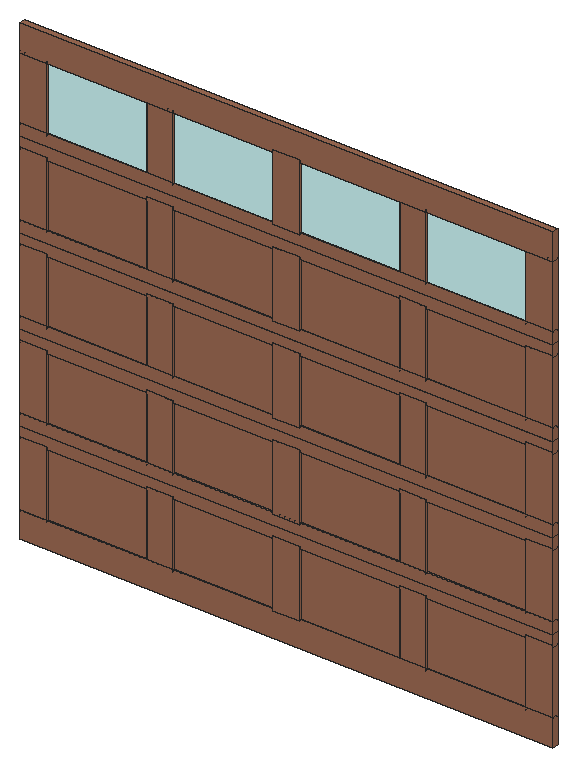
Revit family "GSNGL E 20P GT", category Doors, host Wall, Revit 2013
Parameters
  Function = Interior
  Frame Projection Ext. = 25 mm
  Frame Projection Int. = 25 mm
  Frame Width = 75 mm
  Height = 2135 mm
  Wall Closure = By host
  Width = 2440 mm
Reference planes
  plane 1: y = 0
  plane 2 "Center (Left/Right)": x = 0
  plane 3 "Left": x = -1220
  plane 4 "Right": x = 1220
  plane 5: z = 2135
  plane 6 "Exterior": y = 75
  plane 7 "Interior": y = -75
  plane 8 "Garage Bottom": y = 75
  plane 9 "Garage Left": x = 1250
  plane 10 "Garage Right": x = -1250
  plane 11 "Garage Top": z = 2170
  plane 12: z = 476
  plane 13: z = 882
  plane 14: z = 1288
  plane 15: z = 1694
Forms (mm)
  Sweep 1, solid, material "Garage Wood"
    path origin (2744.172, 120, 1694) x (1, 0, 0) y (0, 1, 0)
      loop
        line (-3994.172, -225) -> (-1494.172, -225)
    profile "Van Acht 55.5x30 Garage Rail : Van Acht 55.5x30 Garage Rail" origin (0, -105, 1694) x (0, 1, 0) y (0, 0, 1)
      loop
        line (0, 0.046) -> (30, 0.046) -> (30, 46.546) -> (28, 46.546)
        arc (28, 46.546) -> (25.296, 51.527) -> (20, 53.546) r 8.162
        line (20, 53.546) -> (20, 55.546) -> (0, 55.546) -> (0, 0.046)
  Extrusion 2, solid, material "Garage Wood"
    sketch origin (0, 0, 0) x (0, -1, 0) y (0, 0, -1)
      loop
        line (105, -2045) -> (85, -2045) -> (85, -2047)
        arc (85, -2047) -> (79.704, -2049.019) -> (77, -2054) r 8.162
        line (77, -2054) -> (75, -2054) -> (75, -2170) -> (105, -2170) -> (105, -2045)
    from -1250 to 1250
  Extrusion 3, solid, material "Garage Glass"
    sketch origin (3947.972, -275, 1694) x (1, 0, 0) y (0, 1, 0)
      loop
        line (-5072.972, 185) -> (-5072.972, 175) -> (-4604.222, 175) -> (-4604.222, 185) -> (-5072.972, 185)
      loop
        line (-4479.222, 185) -> (-4479.222, 175) -> (-4010.472, 175) -> (-4010.472, 185) -> (-4479.222, 185)
      loop
        line (-2822.972, 185) -> (-3291.722, 185) -> (-3291.722, 175) -> (-2822.972, 175) -> (-2822.972, 185)
      loop
        line (-3416.722, 185) -> (-3885.472, 185) -> (-3885.472, 175) -> (-3416.722, 175) -> (-3416.722, 185)
    from 55.546 to 351
  Sweep 4, solid, material "Garage Wood"
    path origin (2744.172, 120, 1287.954) x (1, 0, 0) y (0, 1, 0)
      loop
        line (-3994.172, -225) -> (-1494.172, -225)
    profile "Van Acht 55.5x30 Garage Rail : Van Acht 55.5x30 Garage Rail" origin (0, -105, 1287.954) x (0, 1, 0) y (0, 0, 1)
      loop
        line (0, 0.046) -> (30, 0.046) -> (30, 46.546) -> (28, 46.546)
        arc (28, 46.546) -> (25.296, 51.527) -> (20, 53.546) r 8.162
        line (20, 53.546) -> (20, 55.546) -> (0, 55.546) -> (0, 0.046)
  Extrusion 5, solid, material "Garage Wood"
    sketch origin (0, 0, 0) x (0, -1, 0) y (0, 0, -1)
      loop
        line (105, -1694.046) -> (105, -1638.546) -> (85, -1638.546) -> (85, -1640.546)
        arc (85, -1640.546) -> (79.704, -1642.565) -> (77, -1647.546) r 8.162
        line (77, -1647.546) -> (75, -1647.546) -> (75, -1694.046) -> (105, -1694.046)
    from -1250 to 1250
  Sweep 6, solid, material "Garage Wood"
    path origin (2744.172, 120, 881.954) x (1, 0, 0) y (0, 1, 0)
      loop
        line (-3994.172, -225) -> (-1494.172, -225)
    profile "Van Acht 55.5x30 Garage Rail : Van Acht 55.5x30 Garage Rail" origin (0, -105, 881.954) x (0, 1, 0) y (0, 0, 1)
      loop
        line (0, 0.046) -> (30, 0.046) -> (30, 46.546) -> (28, 46.546)
        arc (28, 46.546) -> (25.296, 51.527) -> (20, 53.546) r 8.162
        line (20, 53.546) -> (20, 55.546) -> (0, 55.546) -> (0, 0.046)
  Extrusion 7, solid, material "Garage Wood"
    sketch origin (0, 0, -406) x (0, -1, 0) y (0, 0, -1)
      loop
        line (105, -1694.046) -> (105, -1638.546) -> (85, -1638.546) -> (85, -1640.546)
        arc (85, -1640.546) -> (79.704, -1642.565) -> (77, -1647.546) r 8.162
        line (77, -1647.546) -> (75, -1647.546) -> (75, -1694.046) -> (105, -1694.046)
    from -1250 to 1250
  Sweep 8, solid, material "Garage Wood"
    path origin (2744.172, 120, 475.954) x (1, 0, 0) y (0, 1, 0)
      loop
        line (-3994.172, -225) -> (-1494.172, -225)
    profile "Van Acht 55.5x30 Garage Rail : Van Acht 55.5x30 Garage Rail" origin (0, -105, 475.954) x (0, 1, 0) y (0, 0, 1)
      loop
        line (0, 0.046) -> (30, 0.046) -> (30, 46.546) -> (28, 46.546)
        arc (28, 46.546) -> (25.296, 51.527) -> (20, 53.546) r 8.162
        line (20, 53.546) -> (20, 55.546) -> (0, 55.546) -> (0, 0.046)
  Extrusion 9, solid, material "Garage Wood"
    sketch origin (0, 0, -812) x (0, -1, 0) y (0, 0, -1)
      loop
        line (105, -1694.046) -> (105, -1638.546) -> (85, -1638.546) -> (85, -1640.546)
        arc (85, -1640.546) -> (79.704, -1642.565) -> (77, -1647.546) r 8.162
        line (77, -1647.546) -> (75, -1647.546) -> (75, -1694.046) -> (105, -1694.046)
    from -1250 to 1250
  Extrusion 10, solid, material "Garage Wood"
    sketch origin (0, 0, -1218) x (0, -1, 0) y (0, 0, -1)
      loop
        line (105, -1694.046) -> (105, -1638.546) -> (85, -1638.546) -> (85, -1640.546)
        arc (85, -1640.546) -> (79.704, -1642.565) -> (77, -1647.546) r 8.162
        line (77, -1647.546) -> (75, -1647.546) -> (75, -1694.046) -> (105, -1694.046)
    from -1250 to 1250
  Extrusion 11, solid, material "Garage Wood"
    sketch origin (0, 0, 2169.454) x (0, -1, 0) y (0, 0, -1)
      loop
        line (105, 2045) -> (105, 2169.454) -> (75, 2169.454) -> (75, 2053.454) -> (77.097, 2053.454)
        arc (77.097, 2053.454) -> (79.86, 2048.739) -> (84.988, 2046.852) r 8.098
        line (84.988, 2046.852) -> (84.988, 2045) -> (105, 2045)
    from -1250 to 1250
  Extrusion 12, solid, material "Garage Wood"
    sketch origin (3964.172, 300, 1685) x (1, 0, 0) y (0, 1, 0)
      loop
        arc (-5091.172, -385) -> (-5093.191, -379.704) -> (-5098.172, -377) r 8.162
        line (-5098.172, -377) -> (-5098.172, -375) -> (-5214.172, -375) -> (-5214.172, -405) -> (-5089.172, -405) -> (-5089.172, -385) -> (-5091.172, -385)
      loop
        line (-2837.172, -385) -> (-2839.172, -385) -> (-2839.172, -405) -> (-2714.172, -405) -> (-2714.172, -375) -> (-2830.172, -375) -> (-2830.172, -377)
        arc (-2830.172, -377) -> (-2835.153, -379.704) -> (-2837.172, -385) r 8.162
      loop
        arc (-3903.672, -385) -> (-3905.691, -379.704) -> (-3910.672, -377) r 8.162
        line (-3910.672, -377) -> (-3910.672, -375) -> (-4017.672, -375) -> (-4017.672, -377)
        arc (-4017.672, -377) -> (-4022.653, -379.704) -> (-4024.672, -385) r 8.162
        line (-4024.672, -385) -> (-4026.672, -385) -> (-4026.672, -405) -> (-3901.672, -405) -> (-3901.672, -385) -> (-3903.672, -385)
      loop
        arc (-4497.422, -385) -> (-4499.441, -379.704) -> (-4504.422, -377) r 8.162
        line (-4504.422, -377) -> (-4504.422, -375) -> (-4611.422, -375) -> (-4611.422, -377)
        arc (-4611.422, -377) -> (-4616.403, -379.704) -> (-4618.422, -385) r 8.162
        line (-4618.422, -385) -> (-4620.422, -385) -> (-4620.422, -405) -> (-4495.422, -405) -> (-4495.422, -385) -> (-4497.422, -385)
      loop
        line (-3430.922, -385) -> (-3432.922, -385) -> (-3432.922, -405) -> (-3307.922, -405) -> (-3307.922, -385) -> (-3309.922, -385)
        arc (-3309.922, -385) -> (-3311.941, -379.704) -> (-3316.922, -377) r 8.162
        line (-3316.922, -377) -> (-3316.922, -375) -> (-3423.922, -375) -> (-3423.922, -377)
        arc (-3423.922, -377) -> (-3428.903, -379.704) -> (-3430.922, -385) r 8.162
    from 55.546 to 369
  Extrusion 13, solid, material "Garage Wood"
    sketch origin (3964.172, 300, 1250) x (1, 0, 0) y (0, 1, 0)
      loop
        arc (-5091.172, -385) -> (-5093.191, -379.704) -> (-5098.172, -377) r 8.162
        line (-5098.172, -377) -> (-5098.172, -375) -> (-5214.172, -375) -> (-5214.172, -405) -> (-5089.172, -405) -> (-5089.172, -385) -> (-5091.172, -385)
      loop
        line (-2837.172, -385) -> (-2839.172, -385) -> (-2839.172, -405) -> (-2714.172, -405) -> (-2714.172, -375) -> (-2830.172, -375) -> (-2830.172, -377)
        arc (-2830.172, -377) -> (-2835.153, -379.704) -> (-2837.172, -385) r 8.162
      loop
        arc (-3903.672, -385) -> (-3905.691, -379.704) -> (-3910.672, -377) r 8.162
        line (-3910.672, -377) -> (-3910.672, -375) -> (-4017.672, -375) -> (-4017.672, -377)
        arc (-4017.672, -377) -> (-4022.653, -379.704) -> (-4024.672, -385) r 8.162
        line (-4024.672, -385) -> (-4026.672, -385) -> (-4026.672, -405) -> (-3901.672, -405) -> (-3901.672, -385) -> (-3903.672, -385)
      loop
        arc (-4497.422, -385) -> (-4499.441, -379.704) -> (-4504.422, -377) r 8.162
        line (-4504.422, -377) -> (-4504.422, -375) -> (-4611.422, -375) -> (-4611.422, -377)
        arc (-4611.422, -377) -> (-4616.403, -379.704) -> (-4618.422, -385) r 8.162
        line (-4618.422, -385) -> (-4620.422, -385) -> (-4620.422, -405) -> (-4495.422, -405) -> (-4495.422, -385) -> (-4497.422, -385)
      loop
        line (-3430.922, -385) -> (-3432.922, -385) -> (-3432.922, -405) -> (-3307.922, -405) -> (-3307.922, -385) -> (-3309.922, -385)
        arc (-3309.922, -385) -> (-3311.941, -379.704) -> (-3316.922, -377) r 8.162
        line (-3316.922, -377) -> (-3316.922, -375) -> (-3423.922, -375) -> (-3423.922, -377)
        arc (-3423.922, -377) -> (-3428.903, -379.704) -> (-3430.922, -385) r 8.162
    from 84.5 to 397.546
  Extrusion 14, solid, material "Garage Wood"
    sketch origin (3947.972, -275, 1287.546) x (1, 0, 0) y (0, 1, 0)
      loop
        line (-5072.972, 185) -> (-5072.972, 175) -> (-4604.222, 175) -> (-4604.222, 185) -> (-5072.972, 185)
      loop
        line (-4479.222, 185) -> (-4479.222, 175) -> (-4010.472, 175) -> (-4010.472, 185) -> (-4479.222, 185)
      loop
        line (-2822.972, 185) -> (-3291.722, 185) -> (-3291.722, 175) -> (-2822.972, 175) -> (-2822.972, 185)
      loop
        line (-3416.722, 185) -> (-3885.472, 185) -> (-3885.472, 175) -> (-3416.722, 175) -> (-3416.722, 185)
    from 55.954 to 351
  Extrusion 15, solid, material "Garage Wood"
    sketch origin (3947.972, -275, 69.546) x (1, 0, 0) y (0, 1, 0)
      loop
        line (-5072.972, 185) -> (-5072.972, 175) -> (-4604.222, 175) -> (-4604.222, 185) -> (-5072.972, 185)
      loop
        line (-4479.222, 185) -> (-4479.222, 175) -> (-4010.472, 175) -> (-4010.472, 185) -> (-4479.222, 185)
      loop
        line (-2822.972, 185) -> (-3291.722, 185) -> (-3291.722, 175) -> (-2822.972, 175) -> (-2822.972, 185)
      loop
        line (-3416.722, 185) -> (-3885.472, 185) -> (-3885.472, 175) -> (-3416.722, 175) -> (-3416.722, 185)
    from 54.909 to 351
  Extrusion 16, solid, material "Garage Wood"
    sketch origin (3964.172, 300, 60.546) x (1, 0, 0) y (0, 1, 0)
      loop
        arc (-5091.172, -385) -> (-5093.191, -379.704) -> (-5098.172, -377) r 8.162
        line (-5098.172, -377) -> (-5098.172, -375) -> (-5214.172, -375) -> (-5214.172, -405) -> (-5089.172, -405) -> (-5089.172, -385) -> (-5091.172, -385)
      loop
        line (-2837.172, -385) -> (-2839.172, -385) -> (-2839.172, -405) -> (-2714.172, -405) -> (-2714.172, -375) -> (-2830.172, -375) -> (-2830.172, -377)
        arc (-2830.172, -377) -> (-2835.153, -379.704) -> (-2837.172, -385) r 8.162
      loop
        arc (-3903.672, -385) -> (-3905.691, -379.704) -> (-3910.672, -377) r 8.162
        line (-3910.672, -377) -> (-3910.672, -375) -> (-4017.672, -375) -> (-4017.672, -377)
        arc (-4017.672, -377) -> (-4022.653, -379.704) -> (-4024.672, -385) r 8.162
        line (-4024.672, -385) -> (-4026.672, -385) -> (-4026.672, -405) -> (-3901.672, -405) -> (-3901.672, -385) -> (-3903.672, -385)
      loop
        arc (-4497.422, -385) -> (-4499.441, -379.704) -> (-4504.422, -377) r 8.162
        line (-4504.422, -377) -> (-4504.422, -375) -> (-4611.422, -375) -> (-4611.422, -377)
        arc (-4611.422, -377) -> (-4616.403, -379.704) -> (-4618.422, -385) r 8.162
        line (-4618.422, -385) -> (-4620.422, -385) -> (-4620.422, -405) -> (-4495.422, -405) -> (-4495.422, -385) -> (-4497.422, -385)
      loop
        line (-3430.922, -385) -> (-3432.922, -385) -> (-3432.922, -405) -> (-3307.922, -405) -> (-3307.922, -385) -> (-3309.922, -385)
        arc (-3309.922, -385) -> (-3311.941, -379.704) -> (-3316.922, -377) r 8.162
        line (-3316.922, -377) -> (-3316.922, -375) -> (-3423.922, -375) -> (-3423.922, -377)
        arc (-3423.922, -377) -> (-3428.903, -379.704) -> (-3430.922, -385) r 8.162
    from 55.454 to 369
  Extrusion 17, solid, material "Garage Wood"
    sketch origin (3964.172, 300, 844) x (1, 0, 0) y (0, 1, 0)
      loop
        arc (-5091.172, -385) -> (-5093.191, -379.704) -> (-5098.172, -377) r 8.162
        line (-5098.172, -377) -> (-5098.172, -375) -> (-5214.172, -375) -> (-5214.172, -405) -> (-5089.172, -405) -> (-5089.172, -385) -> (-5091.172, -385)
      loop
        line (-2837.172, -385) -> (-2839.172, -385) -> (-2839.172, -405) -> (-2714.172, -405) -> (-2714.172, -375) -> (-2830.172, -375) -> (-2830.172, -377)
        arc (-2830.172, -377) -> (-2835.153, -379.704) -> (-2837.172, -385) r 8.162
      loop
        arc (-3903.672, -385) -> (-3905.691, -379.704) -> (-3910.672, -377) r 8.162
        line (-3910.672, -377) -> (-3910.672, -375) -> (-4017.672, -375) -> (-4017.672, -377)
        arc (-4017.672, -377) -> (-4022.653, -379.704) -> (-4024.672, -385) r 8.162
        line (-4024.672, -385) -> (-4026.672, -385) -> (-4026.672, -405) -> (-3901.672, -405) -> (-3901.672, -385) -> (-3903.672, -385)
      loop
        arc (-4497.422, -385) -> (-4499.441, -379.704) -> (-4504.422, -377) r 8.162
        line (-4504.422, -377) -> (-4504.422, -375) -> (-4611.422, -375) -> (-4611.422, -377)
        arc (-4611.422, -377) -> (-4616.403, -379.704) -> (-4618.422, -385) r 8.162
        line (-4618.422, -385) -> (-4620.422, -385) -> (-4620.422, -405) -> (-4495.422, -405) -> (-4495.422, -385) -> (-4497.422, -385)
      loop
        line (-3430.922, -385) -> (-3432.922, -385) -> (-3432.922, -405) -> (-3307.922, -405) -> (-3307.922, -385) -> (-3309.922, -385)
        arc (-3309.922, -385) -> (-3311.941, -379.704) -> (-3316.922, -377) r 8.162
        line (-3316.922, -377) -> (-3316.922, -375) -> (-3423.922, -375) -> (-3423.922, -377)
        arc (-3423.922, -377) -> (-3428.903, -379.704) -> (-3430.922, -385) r 8.162
    from 84.5 to 397.546
  Extrusion 18, solid, material "Garage Wood"
    sketch origin (3947.972, -275, 881.546) x (1, 0, 0) y (0, 1, 0)
      loop
        line (-5072.972, 185) -> (-5072.972, 175) -> (-4604.222, 175) -> (-4604.222, 185) -> (-5072.972, 185)
      loop
        line (-4479.222, 185) -> (-4479.222, 175) -> (-4010.472, 175) -> (-4010.472, 185) -> (-4479.222, 185)
      loop
        line (-2822.972, 185) -> (-3291.722, 185) -> (-3291.722, 175) -> (-2822.972, 175) -> (-2822.972, 185)
      loop
        line (-3416.722, 185) -> (-3885.472, 185) -> (-3885.472, 175) -> (-3416.722, 175) -> (-3416.722, 185)
    from 55.954 to 351
  Extrusion 19, solid, material "Garage Wood"
    sketch origin (3964.172, 300, 438) x (1, 0, 0) y (0, 1, 0)
      loop
        arc (-5091.172, -385) -> (-5093.191, -379.704) -> (-5098.172, -377) r 8.162
        line (-5098.172, -377) -> (-5098.172, -375) -> (-5214.172, -375) -> (-5214.172, -405) -> (-5089.172, -405) -> (-5089.172, -385) -> (-5091.172, -385)
      loop
        line (-2837.172, -385) -> (-2839.172, -385) -> (-2839.172, -405) -> (-2714.172, -405) -> (-2714.172, -375) -> (-2830.172, -375) -> (-2830.172, -377)
        arc (-2830.172, -377) -> (-2835.153, -379.704) -> (-2837.172, -385) r 8.162
      loop
        arc (-3903.672, -385) -> (-3905.691, -379.704) -> (-3910.672, -377) r 8.162
        line (-3910.672, -377) -> (-3910.672, -375) -> (-4017.672, -375) -> (-4017.672, -377)
        arc (-4017.672, -377) -> (-4022.653, -379.704) -> (-4024.672, -385) r 8.162
        line (-4024.672, -385) -> (-4026.672, -385) -> (-4026.672, -405) -> (-3901.672, -405) -> (-3901.672, -385) -> (-3903.672, -385)
      loop
        arc (-4497.422, -385) -> (-4499.441, -379.704) -> (-4504.422, -377) r 8.162
        line (-4504.422, -377) -> (-4504.422, -375) -> (-4611.422, -375) -> (-4611.422, -377)
        arc (-4611.422, -377) -> (-4616.403, -379.704) -> (-4618.422, -385) r 8.162
        line (-4618.422, -385) -> (-4620.422, -385) -> (-4620.422, -405) -> (-4495.422, -405) -> (-4495.422, -385) -> (-4497.422, -385)
      loop
        line (-3430.922, -385) -> (-3432.922, -385) -> (-3432.922, -405) -> (-3307.922, -405) -> (-3307.922, -385) -> (-3309.922, -385)
        arc (-3309.922, -385) -> (-3311.941, -379.704) -> (-3316.922, -377) r 8.162
        line (-3316.922, -377) -> (-3316.922, -375) -> (-3423.922, -375) -> (-3423.922, -377)
        arc (-3423.922, -377) -> (-3428.903, -379.704) -> (-3430.922, -385) r 8.162
    from 84.5 to 397.546
  Extrusion 20, solid, material "Garage Wood"
    sketch origin (3947.972, -275, 475.546) x (1, 0, 0) y (0, 1, 0)
      loop
        line (-5072.972, 185) -> (-5072.972, 175) -> (-4604.222, 175) -> (-4604.222, 185) -> (-5072.972, 185)
      loop
        line (-4479.222, 185) -> (-4479.222, 175) -> (-4010.472, 175) -> (-4010.472, 185) -> (-4479.222, 185)
      loop
        line (-2822.972, 185) -> (-3291.722, 185) -> (-3291.722, 175) -> (-2822.972, 175) -> (-2822.972, 185)
      loop
        line (-3416.722, 185) -> (-3885.472, 185) -> (-3885.472, 175) -> (-3416.722, 175) -> (-3416.722, 185)
    from 55.954 to 351
Lines and regions (mm)
  Opening 1
    outline origin (-3050, -75, 0) x (1, 0, 0) y (0, 0, 1)
      loop
        line (1830, 0) -> (4270, 0) -> (4270, 2135) -> (1830, 2135) -> (1830, 0)
  symbolic lines, style "Elevation Swing"
    curve 1: line (-1250, -105, 1694) -> (-1250, -2275, 1694)
    curve 2: line (-1250, -2275, 1694) -> (1250, -2275, 1694)
    curve 3: line (1250, -2275, 1694) -> (1250, -105, 1694)
Text (mm)
  text "Exterior" at (-2295.016, 1099.543, 0), in view "Ref. Level"
  text "Exterior" at (0, 1615.38, 3698.081), in view "Left"
  text "Exterior" at (0, 1036.032, 3874.932), in view "Right"
Dimensions and locks
  equal spacing: plane 3 "Left", plane 2 "Center (Left/Right)", plane 4 "Right"
  "Width": plane 3 "Left" to plane 4 "Right"
  "Height": plane 5 to host wall
  host wall to plane 5 = 2135 mm
  host wall to plane 11 "Garage Top" = 2170 mm
  locked: plane 6 "Exterior" to host wall at 0
  locked: plane 7 "Interior" to host wall
  plane 3 "Left" to plane 4 "Right" = 2440 mm
  plane 10 "Garage Right" to plane 9 "Garage Left" = 2500 mm
  plane 11 "Garage Top" to plane 15 to plane 14 to plane 13 to plane 12 to level = 476 mm, 406 mm, 406 mm, 406 mm, 476 mm
  aligned and locked: plane 3 "Left" to Opening 1 sketch curve
  aligned and locked: plane 5 to Opening 1 sketch curve  (x2)
  aligned and locked: Opening 1 sketch curve to plane 4 "Right"
  aligned and locked: Opening 1 sketch curve to level
  aligned and locked: host wall to plane 1
  aligned and locked: Extrusion 10 to plane 10 "Garage Right"
  aligned and locked: Extrusion 9 to plane 10 "Garage Right"
  aligned and locked: Extrusion 7 to plane 10 "Garage Right"
  aligned and locked: Extrusion 5 to plane 10 "Garage Right"
  aligned and locked: Extrusion 2 to plane 10 "Garage Right"
  aligned and locked: Extrusion 11 to plane 10 "Garage Right"
  aligned and locked: Extrusion 11 to plane 9 "Garage Left"
  aligned and locked: Extrusion 2 to plane 9 "Garage Left"
  aligned and locked: Extrusion 5 to plane 9 "Garage Left"
  aligned and locked: Extrusion 9 to plane 9 "Garage Left"
  aligned and locked: Extrusion 10 to plane 9 "Garage Left"
  aligned and locked: Extrusion 7 to plane 9 "Garage Left"
  aligned and locked: Extrusion 12 to Extrusion 2
  aligned and locked: Extrusion 12 to Sweep 1
  aligned and locked: Extrusion 3 to Extrusion 2
  aligned and locked: Extrusion 3 to Extrusion 12  (x2)
  aligned and locked: Extrusion 3 to Sweep 1
  aligned and locked: Extrusion 13 to Extrusion 5
  aligned and locked: Extrusion 13 to Sweep 4
  aligned and locked: Extrusion 14 to Sweep 4
  aligned and locked: Extrusion 14 to Extrusion 5
  aligned and locked: Extrusion 15 to Extrusion 16  (x2)
  aligned and locked: Extrusion 16 to Extrusion 11
  aligned and locked: Extrusion 15 to Extrusion 11
Automatic sketch dimensions
  Sweep 1 sketch curve to plane 10 "Garage Right" = 0 mm
  Sweep 1 sketch curve to plane 9 "Garage Left" = 0 mm
  plane 7 "Interior" to Sweep 1 sketch curve = 30 mm
  Extrusion 2 sketch curve to host wall = 0 mm
  plane 11 "Garage Top" to Extrusion 2 sketch curve = 0 mm
  Extrusion 2 sketch curve to host wall = 10 mm
  Extrusion 2 sketch curve to plane 5 = 90 mm
  Extrusion 2 sketch curve to Extrusion 2 sketch curve = 2 mm  (x2)
  Extrusion 2 sketch curve to Extrusion 2 sketch curve = 20 mm
  Extrusion 2 sketch curve to Extrusion 2 sketch curve = 8.079 mm
  Extrusion 2 sketch curve to Extrusion 2 sketch curve = 7 mm
  host wall to Extrusion 3 sketch curve = 15 mm  (x4)
  Extrusion 3 sketch curve to plane 3 "Left" = 95 mm
  host wall to Extrusion 3 sketch curve = 25 mm  (x3)
  Extrusion 3 sketch curve to Extrusion 3 sketch curve = 468.75 mm  (x2)
  Extrusion 3 sketch curve to Extrusion 3 sketch curve = 125 mm  (x2)
  Extrusion 3 sketch curve to plane 2 "Center (Left/Right)" = 62.5 mm
  plane 2 "Center (Left/Right)" to Extrusion 3 sketch curve = 62.5 mm
  plane 4 "Right" to Extrusion 3 sketch curve = 95 mm
  Extrusion 3 sketch curve to Extrusion 3 sketch curve = 10 mm
  Sweep 4 sketch curve to plane 10 "Garage Right" = 0 mm
  Sweep 4 sketch curve to plane 9 "Garage Left" = 0 mm
  plane 7 "Interior" to Sweep 4 sketch curve = 30 mm
  Extrusion 5 sketch curve to host wall = 0 mm
  Extrusion 5 sketch curve to host wall = 10 mm
  plane 15 to Extrusion 5 sketch curve = 55.454 mm
  Extrusion 5 sketch curve to host wall = 2 mm
  Extrusion 5 sketch curve to plane 15 = 0.046 mm
  Extrusion 5 sketch curve to host wall = 30 mm
  Extrusion 5 sketch curve to Extrusion 5 sketch curve = 0.079 mm
  Extrusion 5 sketch curve to Extrusion 5 sketch curve = 2 mm
  Extrusion 5 sketch curve to Extrusion 5 sketch curve = 7 mm
  Sweep 6 sketch curve to plane 10 "Garage Right" = 0 mm
  Sweep 6 sketch curve to plane 9 "Garage Left" = 0 mm
  plane 7 "Interior" to Sweep 6 sketch curve = 30 mm
  Extrusion 7 sketch curve to host wall = 0 mm
  Extrusion 7 sketch curve to host wall = 10 mm
  plane 14 to Extrusion 7 sketch curve = 55.454 mm
  Extrusion 7 sketch curve to host wall = 2 mm
  Extrusion 7 sketch curve to plane 14 = 0.046 mm
  Extrusion 7 sketch curve to host wall = 30 mm
  Extrusion 7 sketch curve to Extrusion 7 sketch curve = 0.079 mm
  Extrusion 7 sketch curve to Extrusion 7 sketch curve = 2 mm
  Extrusion 7 sketch curve to Extrusion 7 sketch curve = 7 mm
  Sweep 8 sketch curve to plane 10 "Garage Right" = 0 mm
  Sweep 8 sketch curve to plane 9 "Garage Left" = 0 mm
  plane 7 "Interior" to Sweep 8 sketch curve = 30 mm
  Extrusion 9 sketch curve to host wall = 0 mm
  Extrusion 9 sketch curve to host wall = 10 mm
  plane 13 to Extrusion 9 sketch curve = 55.454 mm
  Extrusion 9 sketch curve to host wall = 2 mm
  Extrusion 9 sketch curve to plane 13 = 0.046 mm
  Extrusion 9 sketch curve to host wall = 30 mm
  Extrusion 9 sketch curve to Extrusion 9 sketch curve = 0.079 mm
  Extrusion 9 sketch curve to Extrusion 9 sketch curve = 2 mm
  Extrusion 9 sketch curve to Extrusion 9 sketch curve = 7 mm
  Extrusion 10 sketch curve to host wall = 0 mm
  Extrusion 10 sketch curve to host wall = 10 mm
  plane 12 to Extrusion 10 sketch curve = 55.454 mm
  Extrusion 10 sketch curve to host wall = 2 mm
  Extrusion 10 sketch curve to plane 12 = 0.046 mm
  Extrusion 10 sketch curve to host wall = 30 mm
  Extrusion 10 sketch curve to Extrusion 10 sketch curve = 0.079 mm
  Extrusion 10 sketch curve to Extrusion 10 sketch curve = 2 mm
  Extrusion 10 sketch curve to Extrusion 10 sketch curve = 7 mm
  Extrusion 11 sketch curve to host wall = 0 mm
  Extrusion 11 sketch curve to level = 0 mm
  host wall to Extrusion 11 sketch curve = 9.988 mm
  level to Extrusion 11 sketch curve = 124.454 mm
  Extrusion 11 sketch curve to Extrusion 11 sketch curve = 2.097 mm
  Extrusion 11 sketch curve to Extrusion 11 sketch curve = 20.012 mm
  Extrusion 11 sketch curve to Extrusion 11 sketch curve = 0.068 mm
  Extrusion 11 sketch curve to Extrusion 11 sketch curve = 1.852 mm
  Extrusion 11 sketch curve to Extrusion 11 sketch curve = 6.602 mm
  curve 1 to plane 10 "Garage Right" = 0 mm
  curve 2 to plane 9 "Garage Left" = 0 mm
  host wall to curve 1 = 2200 mm
  host wall to curve 3 = 30 mm
  host wall to curve 1 = 30 mm
  Extrusion 12 sketch curve to plane 10 "Garage Right" = 0 mm
  host wall to Extrusion 12 sketch curve = 0 mm  (x5)
  Extrusion 12 sketch curve to plane 9 "Garage Left" = 0 mm
  host wall to Extrusion 12 sketch curve = 30 mm  (x4)
  Extrusion 12 sketch curve to plane 3 "Left" = 86 mm
  Extrusion 12 sketch curve to Extrusion 12 sketch curve = 7 mm  (x8)
  Extrusion 12 sketch curve to Extrusion 12 sketch curve = 2 mm  (x15)
  Extrusion 12 sketch curve to Extrusion 12 sketch curve = 468.75 mm  (x2)
  Extrusion 12 sketch curve to Extrusion 12 sketch curve = 107 mm  (x2)
  Extrusion 12 sketch curve to plane 2 "Center (Left/Right)" = 62.5 mm
  plane 2 "Center (Left/Right)" to Extrusion 12 sketch curve = 53.5 mm
  host wall to Extrusion 12 sketch curve = 2 mm
  host wall to Extrusion 12 sketch curve = 10 mm  (x8)
  plane 4 "Right" to Extrusion 12 sketch curve = 95 mm
  Extrusion 12 sketch curve to Extrusion 12 sketch curve = 1.161 mm  (x3)
  Extrusion 12 sketch curve to Extrusion 12 sketch curve = 8.161 mm  (x5)
  Extrusion 12 sketch curve to Extrusion 12 sketch curve = 30 mm
  Extrusion 13 sketch curve to plane 10 "Garage Right" = 0 mm
  host wall to Extrusion 13 sketch curve = 0 mm  (x5)
  Extrusion 13 sketch curve to plane 9 "Garage Left" = 0 mm
  host wall to Extrusion 13 sketch curve = 30 mm  (x4)
  Extrusion 13 sketch curve to plane 3 "Left" = 86 mm
  Extrusion 13 sketch curve to Extrusion 13 sketch curve = 7 mm  (x8)
  Extrusion 13 sketch curve to Extrusion 13 sketch curve = 2 mm  (x15)
  Extrusion 13 sketch curve to Extrusion 13 sketch curve = 468.75 mm  (x2)
  Extrusion 13 sketch curve to Extrusion 13 sketch curve = 107 mm  (x2)
  Extrusion 13 sketch curve to plane 2 "Center (Left/Right)" = 62.5 mm
  plane 2 "Center (Left/Right)" to Extrusion 13 sketch curve = 53.5 mm
  host wall to Extrusion 13 sketch curve = 2 mm
  host wall to Extrusion 13 sketch curve = 10 mm  (x8)
  plane 4 "Right" to Extrusion 13 sketch curve = 95 mm
  Extrusion 13 sketch curve to Extrusion 13 sketch curve = 1.161 mm  (x4)
  Extrusion 13 sketch curve to Extrusion 13 sketch curve = 8.161 mm  (x4)
  Extrusion 13 sketch curve to Extrusion 13 sketch curve = 30 mm
  host wall to Extrusion 14 sketch curve = 15 mm  (x4)
  Extrusion 14 sketch curve to plane 3 "Left" = 95 mm
  host wall to Extrusion 14 sketch curve = 25 mm  (x3)
  Extrusion 14 sketch curve to Extrusion 14 sketch curve = 468.75 mm  (x2)
  Extrusion 14 sketch curve to Extrusion 14 sketch curve = 125 mm  (x2)
  Extrusion 14 sketch curve to plane 2 "Center (Left/Right)" = 62.5 mm
  plane 2 "Center (Left/Right)" to Extrusion 14 sketch curve = 62.5 mm
  plane 4 "Right" to Extrusion 14 sketch curve = 95 mm
  Extrusion 14 sketch curve to Extrusion 14 sketch curve = 10 mm
  host wall to Extrusion 15 sketch curve = 15 mm  (x4)
  Extrusion 15 sketch curve to plane 3 "Left" = 95 mm
  host wall to Extrusion 15 sketch curve = 25 mm  (x3)
  Extrusion 15 sketch curve to Extrusion 15 sketch curve = 468.75 mm  (x2)
  Extrusion 15 sketch curve to Extrusion 15 sketch curve = 125 mm  (x2)
  Extrusion 15 sketch curve to plane 2 "Center (Left/Right)" = 62.5 mm
  plane 2 "Center (Left/Right)" to Extrusion 15 sketch curve = 62.5 mm
  plane 4 "Right" to Extrusion 15 sketch curve = 95 mm
  Extrusion 15 sketch curve to Extrusion 15 sketch curve = 10 mm
  Extrusion 16 sketch curve to plane 10 "Garage Right" = 0 mm
  host wall to Extrusion 16 sketch curve = 0 mm  (x5)
  Extrusion 16 sketch curve to plane 9 "Garage Left" = 0 mm
  host wall to Extrusion 16 sketch curve = 30 mm  (x4)
  Extrusion 16 sketch curve to plane 3 "Left" = 86 mm
  Extrusion 16 sketch curve to Extrusion 16 sketch curve = 7 mm  (x8)
  Extrusion 16 sketch curve to Extrusion 16 sketch curve = 2 mm  (x15)
  Extrusion 16 sketch curve to Extrusion 16 sketch curve = 468.75 mm  (x2)
  Extrusion 16 sketch curve to Extrusion 16 sketch curve = 107 mm  (x2)
  Extrusion 16 sketch curve to plane 2 "Center (Left/Right)" = 62.5 mm
  plane 2 "Center (Left/Right)" to Extrusion 16 sketch curve = 53.5 mm
  host wall to Extrusion 16 sketch curve = 2 mm
  host wall to Extrusion 16 sketch curve = 10 mm  (x8)
  plane 4 "Right" to Extrusion 16 sketch curve = 95 mm
  Extrusion 16 sketch curve to Extrusion 16 sketch curve = 1.161 mm  (x4)
  Extrusion 16 sketch curve to Extrusion 16 sketch curve = 8.161 mm  (x4)
  Extrusion 16 sketch curve to Extrusion 16 sketch curve = 30 mm
  Extrusion 17 sketch curve to plane 10 "Garage Right" = 0 mm
  host wall to Extrusion 17 sketch curve = 0 mm  (x5)
  Extrusion 17 sketch curve to plane 9 "Garage Left" = 0 mm
  host wall to Extrusion 17 sketch curve = 30 mm  (x4)
  Extrusion 17 sketch curve to plane 3 "Left" = 86 mm
  Extrusion 17 sketch curve to Extrusion 17 sketch curve = 7 mm  (x8)
  Extrusion 17 sketch curve to Extrusion 17 sketch curve = 2 mm  (x15)
  Extrusion 17 sketch curve to Extrusion 17 sketch curve = 468.75 mm  (x2)
  Extrusion 17 sketch curve to Extrusion 17 sketch curve = 107 mm  (x2)
  Extrusion 17 sketch curve to plane 2 "Center (Left/Right)" = 62.5 mm
  plane 2 "Center (Left/Right)" to Extrusion 17 sketch curve = 53.5 mm
  host wall to Extrusion 17 sketch curve = 2 mm
  host wall to Extrusion 17 sketch curve = 10 mm  (x8)
  plane 4 "Right" to Extrusion 17 sketch curve = 95 mm
  Extrusion 17 sketch curve to Extrusion 17 sketch curve = 1.161 mm  (x4)
  Extrusion 17 sketch curve to Extrusion 17 sketch curve = 8.161 mm  (x4)
  Extrusion 17 sketch curve to Extrusion 17 sketch curve = 30 mm
  host wall to Extrusion 18 sketch curve = 15 mm  (x4)
  Extrusion 18 sketch curve to plane 3 "Left" = 95 mm
  host wall to Extrusion 18 sketch curve = 25 mm  (x3)
  Extrusion 18 sketch curve to Extrusion 18 sketch curve = 468.75 mm  (x2)
  Extrusion 18 sketch curve to Extrusion 18 sketch curve = 125 mm  (x2)
  Extrusion 18 sketch curve to plane 2 "Center (Left/Right)" = 62.5 mm
  plane 2 "Center (Left/Right)" to Extrusion 18 sketch curve = 62.5 mm
  plane 4 "Right" to Extrusion 18 sketch curve = 95 mm
  Extrusion 18 sketch curve to Extrusion 18 sketch curve = 10 mm
  Extrusion 19 sketch curve to plane 10 "Garage Right" = 0 mm
  host wall to Extrusion 19 sketch curve = 0 mm  (x5)
  Extrusion 19 sketch curve to plane 9 "Garage Left" = 0 mm
  host wall to Extrusion 19 sketch curve = 30 mm  (x4)
  Extrusion 19 sketch curve to plane 3 "Left" = 86 mm
  Extrusion 19 sketch curve to Extrusion 19 sketch curve = 7 mm  (x8)
  Extrusion 19 sketch curve to Extrusion 19 sketch curve = 2 mm  (x15)
  Extrusion 19 sketch curve to Extrusion 19 sketch curve = 468.75 mm  (x2)
  Extrusion 19 sketch curve to Extrusion 19 sketch curve = 107 mm  (x2)
  Extrusion 19 sketch curve to plane 2 "Center (Left/Right)" = 62.5 mm
  plane 2 "Center (Left/Right)" to Extrusion 19 sketch curve = 53.5 mm
  host wall to Extrusion 19 sketch curve = 2 mm
  host wall to Extrusion 19 sketch curve = 10 mm  (x8)
  plane 4 "Right" to Extrusion 19 sketch curve = 95 mm
  Extrusion 19 sketch curve to Extrusion 19 sketch curve = 1.161 mm  (x4)
  Extrusion 19 sketch curve to Extrusion 19 sketch curve = 8.161 mm  (x4)
  Extrusion 19 sketch curve to Extrusion 19 sketch curve = 30 mm
  host wall to Extrusion 20 sketch curve = 15 mm  (x4)
  Extrusion 20 sketch curve to plane 3 "Left" = 95 mm
  host wall to Extrusion 20 sketch curve = 25 mm  (x3)
  Extrusion 20 sketch curve to Extrusion 20 sketch curve = 468.75 mm  (x2)
  Extrusion 20 sketch curve to Extrusion 20 sketch curve = 125 mm  (x2)
  Extrusion 20 sketch curve to plane 2 "Center (Left/Right)" = 62.5 mm
  plane 2 "Center (Left/Right)" to Extrusion 20 sketch curve = 62.5 mm
  plane 4 "Right" to Extrusion 20 sketch curve = 95 mm
  Extrusion 20 sketch curve to Extrusion 20 sketch curve = 10 mm
